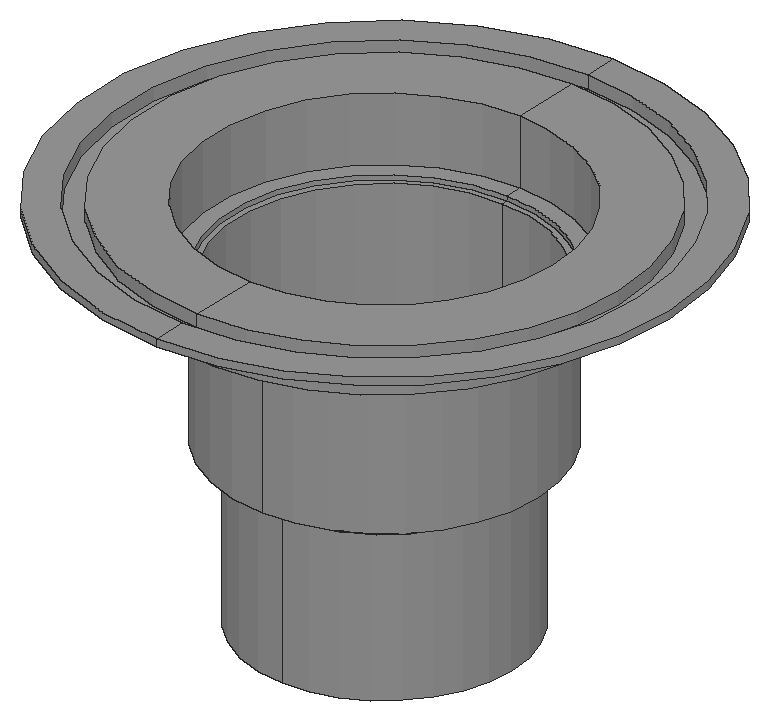
Revit family "HL_Трап для балконов и террас_HL3100TK", category Instalační zařizovací předměty, Revit 2016
Family settings
  Typ součásti = Normální
  Kóta kulaté spojky = Použít průměr
  Číslo OmniClass = 23.70.50.21.24.14
  Nadpis OmniClass = Deck Waste Water Drains
  Založené na pracovní rovině = Ne
  Vždy vertikální = Ano
  Ořezat dutým tvarem při načtení = Ne
  Sdílené = Ne
  Bod výpočtu místnosti = Ano
Parameters (values of type "HL_Трап для балконов и террас_HL3100TK")
  РАЗМЕР = "DN 75/110"
  ПРОПУСКНАЯ СПОСОБНОСТЬ [instance] = 0.0 L/s
  ПРАВОВАЯ ИНФОРМАЦИЯ = "\"Авторские права(©), права на дизайн или какие либо другие права интелектуальной собственности являются исключительной собственностью компании HL Hutterer & Lechner. Изменению не подлежит. Файл семейства с данными о прозводителе изделия защищен паролем с водяным знаком.\""
  НОМИНАЛЬНЫЙ ДИАМЕТР [instance] = 110 mm
  МАТЕРИАЛ = "PP"
  ВЫСОТА МОНТАЖА = "163mm"
  ВЕС = "0,5 kg"
  Výrobce = "HL Hutterer & Lechner GmbH"
  URL = "https://www.hutterer-lechner.com/ru/products/catalog/Balcony-and-terrace/vertical/flange/HL3100tk.aspx"
  Материал плитка [instance] = none
  Připojení ventilace = no
  Připojení odpadu = yes
  Připojení HW = no
  Připojení CW = no
  Popis = "Трап для балконов и террас"
  Model = "HL3100TK"
  Assembly Code = " "
  Komentáře k typům = "Корпус для трапов для внутренних помещений DN75/110 вертикальный"
  Keynote = "HL3100TK"
  Высота монтажа 2 [instance] = 0 mm
  Высота монтажа 1 [instance] = 0 mm
  IH [instance] = Высота монтажа 1 + Высота монтажа 2  # 0 mm
  Угол установки = 0.00°
  G [instance] = if(Угол установки = 0.00°, 180.00°, 90.00°)  # 180.00°
  F [instance] = 0 mm
  EAN = "9003076034680"
  D [instance] = 111.5 mm  # constant formula
  C [instance] = if(IH - 68 mm < 0 mm, 0 mm, IH - 68 mm)  # 0 mm
  B [instance] = IH + if(НОМИНАЛЬНЫЙ ДИАМЕТР = 50 mm, 64.5 mm, 51.7 mm)  # 51.7 mm
  A [instance] = if(B - 100 mm > 15 mm, B - 100 mm, 15 mm)  # 15 mm
Reference planes
  plane 1 "Center (Front/Back)": y = 0
  plane 2: z = 0
  plane 3 "Center (Left/Right)": x = 0
  plane 4: z = -51.7
  plane 5: z = 0
  plane 6: x = 0
  plane 7: z = 0
Lines and regions (mm)
  model lines, style "InvisibleLines"
    curve 1: line (0, 0, 0) -> (0, 0, 20)
  model lines, style "PlumbingFixtures", not visible, detail levels coarse+medium
    curve 2: line (0, 0, -51.7) -> (0, 0, -36.7)
  model lines, style "PlumbingFixtures", detail levels coarse+medium
    curve 3: line (0, 0, -36.7) -> (-36.7, 0, 0)
    curve 4: line (0, 0, -36.7) -> (36.7, 0, 0)
    curve 6: line (0, 0, -51.7) -> (0, 0, -163.2)
    curve 23: line (0, 0, -51.7) -> (0, 0, -36.7)
  reference lines, not visible
    curve 5: line (0, 0, -51.7) -> (0, 0, -163.2)
  symbolic lines, style "PlumbingFixtures", detail levels coarse+medium
    curve 7: line (-75, 75, 0) -> (75, 75, 0)
    curve 8: line (-75, -75, 0) -> (-75, 75, 0)
    curve 9: line (75, -75, 0) -> (-75, -75, 0)
    curve 10: line (75, 75, 0) -> (75, -75, 0)
    curve 11: line (-75, 75, 0) -> (-145.711, 145.711, 0)
    curve 12: line (75, 75, 0) -> (145.711, 145.711, 0)
    curve 13: line (-75, -75, 0) -> (-145.711, -145.711, 0)
    curve 14: line (75, -75, 0) -> (145.711, -145.711, 0)
  symbolic lines, style "PlumbingFixtures", not visible, detail levels coarse+medium
    curve 15: line (-75, 75, 0) -> (75, 75, 0)
    curve 16: line (-75, -75, 0) -> (-75, 75, 0)
    curve 17: line (75, -75, 0) -> (-75, -75, 0)
    curve 18: line (75, 75, 0) -> (75, -75, 0)
    curve 19: line (-75, 75, 0) -> (-145.711, 145.711, 0)
    curve 20: line (75, 75, 0) -> (145.711, 145.711, 0)
    curve 21: line (-75, -75, 0) -> (-145.711, -145.711, 0)
    curve 22: line (75, -75, 0) -> (145.711, -145.711, 0)
Text (mm)
  text "FLOOR" at (-162.344, 0, -10.979), in view "вид строительства"
Dimensions and locks
  "B": plane 2 to plane 4
  "IH": plane 2 to plane 5
  "A": curve 4 to plane 4
  "D": curve 5 to curve 5
  "D": curve 6 to curve 6
  "F": plane 6 to plane 3 "Center (Left/Right)"
  "Высота монтажа 1": plane 2 to plane 7
  locked: curve 4 to plane 3 "Center (Left/Right)" (angle 45.00°)
  locked: plane 3 "Center (Left/Right)" to curve 3 (angle 45.00°)
  "G": angle curve 5 to plane 3 "Center (Left/Right)"
  aligned and locked: level to plane 2
  aligned and locked: plane 2 to curve 4
  aligned and locked: plane 2 to curve 3
  aligned and locked: plane 4 to curve 2
  aligned and locked: plane 4 to curve 5
  aligned and locked: plane 6 to curve 5
  aligned and locked: curve 6 to curve 5
  aligned and locked: plane 3 "Center (Left/Right)" to nested 1
  aligned and locked: plane 5 to nested 1
Automatic sketch dimensions
  curve 1 to plane 3 "Center (Left/Right)" = 0 mm
  curve 2 to plane 3 "Center (Left/Right)" = 0 mm
  curve 1 to level = 0 mm
  level to curve 1 = 20 mm
  curve 6 to curve 5 = 0 mm
Nested families
  nested 1: "HL-Корпус для трапов для внутренних помещений-HL3100TK" at (0, 0, 0), Высота монтажа <- "Высота монтажа 1", type "HL-Корпус для трапов для внутренних помещений-HL3100TK"
    with Высота монтажа 0 mm
Connectors
  piping at (0, 0, -163.2), diameter 110, driven by "ПРОПУСКНАЯ СПОСОБНОСТЬ", driven by "НОМИНАЛЬНЫЙ ДИАМЕТР"
    settings: on curve 5, index 1, connector inside diameter 609.6 mm, connector length 0 mm, flow factor 0, pipe flow 0.0 L/s, pressure drop 0.0 Pa, fitting loss kfactor 0, connector angle 0.00°, fixture units 0, engagement length 0 mm, angle of deflection 0.00°, flow configuration 1, flow direction 2, fitting loss method 0, system type 16, joint type 0, gender type 0, connector reference index -1, connector utility 0, adjustable connector yes, is connector primary yes, connector description ""
Definition of nested family "HL-Корпус для трапов для внутренних помещений-HL3100TK"
  Parameters (values of type "HL-Корпус для трапов для внутренних помещений-HL3100TK")
    РАЗМЕР = "DN 75/110"
    ПРАВОВАЯ ИНФОРМАЦИЯ = "\"Авторские права(©), права на дизайн или какие либо другие права интелектуальной собственности являются исключительной собственностью компании HL Hutterer & Lechner. Изменению не подлежит. Файл семейства с данными о прозводителе изделия защищен паролем с водяным знаком.\""
    МАТЕРИАЛ = "PP"
    ВЫСОТА МОНТАЖА = "163mm"
    ВЕС = "0,5 kg"
    Manufacturer = "HL Hutterer & Lechner GmbH"
    URL = "http://www.hutterer-lechner.com/ru/products/catalog/roof-drains/HL3100TK.aspx"
    Description = "Корпус для трапов для внутренних помещений"
    Model = "HL3100TK"
    Материал = none
    Type Comments = "Корпус для трапов для внутренних помещений DN75/110 вертикальный"
    Keynote = "HL3100TK"
    Высота монтажа [instance] = 0 mm
    EAN = "9003076034680"
    Cost = 0
  Reference planes
    plane 1 "Střed (vpředu/vzadu)": y = 0
    plane 2: z = 0
    plane 3 "Střed (vlevo/vpravo)": x = 0
  Forms (mm)
    Revolve 1, solid, material <- "Материал", detail levels fine
      sketch origin (0, 0, 0) x (0, 1, 0) y (0, 0, 1)
        loop
          line (123.078, 0) -> (109.41, 0) -> (109.41, -5.351) -> (101.172, -5.351) -> (101.172, 0) -> (72.973, 0) -> (72.973, -27.584) -> (66.002, -27.584) -> (66.002, -29.584) -> (63.5, -29.584) -> (63.5, -91.084) -> (34.917, -107.586) -> (0, -107.586) -> (0, -163.17) -> (54.981, -163.17) -> (54.981, -98.888) -> (66, -92.526) -> (66, -32.083) -> (68.499, -32.083) -> (68.499, -30.083) -> (75.493, -30.083) -> (75.493, -8.457) -> (87.593, -8.457) -> (87.593, -23.828) -> (92.593, -23.828) -> (92.593, -8.457) -> (112.499, -8.457) -> (112.499, -3) -> (123.078, -3) -> (123.078, 0)
        axis (0, 0) -> (0, -163.17)
      angle from 0 to 360
  Dimensions and locks
    aligned and locked: level to plane 2
